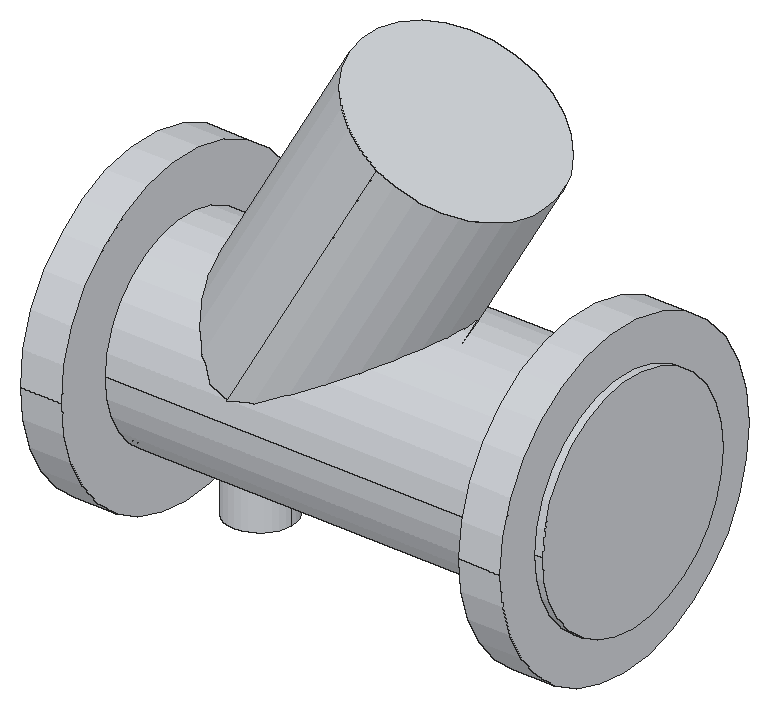
Revit family "HS 821-síto_standard-PN40-DN150-RFA_2018", category Pipe Accessories, Revit 2018
Family settings
  Round Connector Dimension = Use Diameter
  Part Type = Breaks Into
  Work Plane-Based = No
  Always vertical = Yes
  Cut with Voids When Loaded = No
  Shared = No
Parameters (values of type "821F-DN150-PN40-síto_standard")
  magiProductId = "0153b9ddabe14992a630484929fdbc"
  magiProductFamilyId = "79214ac3aaa945e397802f559f5c1e"
  magiPartTypeId = 307
  isMeasuringValve [instance] = no
  ang2D [instance] = 0.00°
  ZB__ve = -ZB  # -47 mm
  ZB1 = 88.29 mm
  ZB = 47 mm
  X2 = 155.885 mm
  X1 = 67.2 mm
  W2D = 15 mm
  VersionID = "2.0/2017.9.26.1/ZETKAMA_821_001"
  Use Minimum Symbol Size [instance] = yes
  URL = "www.hydronic.cz"
  Type Comments = "Filtr přírubový; síto standardní; A-PN16 (-10~300°C); D-PN25 (-10~350°C); F-PN40 (-10~400°C)"
  S = 218 mm
  QmdConnectorList = "301;D;302;D"
  Productdata [instance] = ""
  Manufacturer = "Hydronic Systems Prague s.r.o."
  MC Product Code = "240 692 (821F; DN150; PN40; kvs403; oko síta 1,6mm)"
  LM1 = 38.4 mm
  LM = 384 mm
  L4 = 120 mm
  L2D_Min = 3048 mm
  L2D = 130 mm
  L2 = 240 mm
  HH2 = 270 mm
  FD = 300 mm
  Description = "Filtr přírubový; síto standardní; 821A-PN16; 821D-PN25; 821F-PN40"
  DM1 = 192 mm
  DM = 196.2 mm
  D = 150 mm
  CC = 8.16 mm
  CAT0 = yes
  C1 = 39.84 mm
  C = 48 mm
  BD = 61.803 mm
Types (40, lengths in mm): name | magiProductId | ZB__ve | ZB1 | ZB | X2 | X1 | S | MC Product Code | LM1 | LM | L4 | L2 | HH2 | FD | DM1 | DM | D | CC | C1 | C | BD
  821A-DN015-PN16-síto_standard | "a71bcfe8b393460598b23e8ddf7dc5" | -16.25 | 18.63 | 16.25 | 46.982 | 18.2 | 46 | "200 115 (821A; DN015; PN16; kvs6,3; oko síta 1,00mm)" | 10.4 | 104 | 32.5 | 65 | 81.375 | 95 | 27.6 | 41.4 | 15 | 2.21 | 10.79 | 13 | 13.041
  821A-DN020-PN16-síto_standard | "41cd6c7a12924f4991217528336076" | -17.75 | 22.68 | 17.75 | 51.673 | 21 | 56 | "200 120 (821A; DN020; PN16; kvs11,2; oko síta 1,00mm)" | 12 | 120 | 37.5 | 75 | 89.5 | 105 | 33.6 | 50.4 | 20 | 2.55 | 12.45 | 15 | 15.876
  821A-DN025-PN16-síto_standard | "be378b463ed14c3abf4c9b3ae8cf3a" | -19.25 | 26.325 | 19.25 | 58.601 | 22.4 | 65 | "200 125 (821A; DN025; PN16; kvs14,7; oko síta 1,00mm)" | 12.8 | 128 | 40 | 80 | 101.5 | 115 | 43.2 | 58.5 | 25 | 2.72 | 13.28 | 16 | 18.427
  821A-DN032-PN16-síto_standard | "227a0d18b21540afabe8b6067d35fa" | -23 | 30.78 | 23 | 68.849 | 25.2 | 76 | "200 132 (821A; DN032; PN16; kvs23,7; oko síta 1,00mm)" | 14.4 | 144 | 45 | 90 | 119.25 | 140 | 50.4 | 68.4 | 32 | 3.06 | 14.94 | 18 | 21.546
  821A-DN040-PN16-síto_standard | "d106917c74724141a10440112d0102" | -24.5 | 34.02 | 24.5 | 75.777 | 28 | 84 | "200 140 (821A; DN040; PN16; kvs37,7; oko síta 1,00mm)" | 16 | 160 | 50 | 100 | 131.25 | 150 | 60 | 75.6 | 40 | 3.4 | 16.6 | 20 | 23.814
  821A-DN050-PN16-síto_standard | "8255d456a09e4f6486734f5dd9171b" | -26.75 | 40.095 | 26.75 | 79.061 | 32.2 | 99 | "200 150 (821A; DN050 PN16; kvs57,9; oko síta 1,00mm)" | 18.4 | 184 | 57.5 | 115 | 136.938 | 165 | 73.8 | 89.1 | 50 | 3.91 | 19.09 | 23 | 28.066
  821A-DN065-PN16-síto_standard | "235b1b3e4c0843779a4d5e3716d40a" | -29.75 | 47.79 | 29.75 | 86.927 | 40.6 | 118 | "200 165 (821A; DN065; PN16; kvs101,5; oko síta 1,25mm)" | 23.2 | 232 | 72.5 | 145 | 150.562 | 185 | 94.2 | 106.2 | 65 | 4.93 | 24.07 | 29 | 33.453
  821A-DN080-PN16-síto_standard | "a067f7c5236348ed8c820d16df7214" | -32 | 53.46 | 32 | 104.753 | 43.4 | 132 | "200 180 (821A; DN080; PN16; kvs147,4; oko síta 1,25mm)" | 24.8 | 248 | 77.5 | 155 | 181.438 | 200 | 107.4 | 118.8 | 80 | 5.27 | 25.73 | 31 | 37.422
  821A-DN100-PN16-síto_standard | "c49a648c2747461285837d643703cd" | -35 | 63.18 | 35 | 114.857 | 49 | 156 | "200 190 (821A; DN100; PN16; kvs209,6; oko síta 1,60mm)" | 28 | 280 | 87.5 | 175 | 198.937 | 220 | 131.4 | 140.4 | 100 | 5.95 | 29.05 | 35 | 44.226
  821A-DN125-PN16-síto_standard | "bf68e728a163493cbd2a663b26ebdc" | -39.5 | 74.52 | 39.5 | 131.888 | 56 | 184 | "200 191 (821A; DN125; PN16; kvs326,2; oko síta 1,60mm)" | 32 | 320 | 100 | 200 | 228.438 | 250 | 165 | 165.6 | 125 | 6.8 | 33.2 | 40 | 52.164
  821A-DN150-PN16-síto_standard | "2de770284b654863ae6bc865769dc5" | -44.75 | 85.455 | 44.75 | 155.885 | 67.2 | 211 | "200 192 (821A; DN150; PN16; kvs403; oko síta 1,60mm)" | 38.4 | 384 | 120 | 240 | 270 | 285 | 192 | 189.9 | 150 | 8.16 | 39.84 | 48 | 59.818
  821A-DN200-PN16-síto_standard | "8e5693371ab64aabb29a7f08c76e15" | -53 | 107.73 | 53 | 188.361 | 84 | 266 | "200 193 (821A; DN200; PN16; kvs707; oko síta 1,60mm)" | 48 | 480 | 150 | 300 | 326.25 | 340 | 252 | 239.4 | 200 | 10.2 | 49.8 | 60 | 75.411
  821A-DN250-PN16-síto_standard | "05e37ed948c34047acdd4c42556504" | -62.75 | 129.195 | 62.75 | 255.911 | 102.2 | 319 | "200 194 (821A; DN250; PN16; kvs1234; oko síta 1,60mm)" | 58.4 | 584 | 182.5 | 365 | 443.25 | 405 | 309.6 | 287.1 | 250 | 12.41 | 60.59 | 73 | 90.436
  821A-DN300-PN16-síto_standard | "9ad0af747269428da925480d83ce80" | -71 | 149.85 | 71 | 325.914 | 119 | 370 | "200 195 (821A; DN300; PN16; kvs1916; oko síta 1,60mm)" | 68 | 680 | 212.5 | 425 | 564.5 | 460 | 369.6 | 333 | 300 | 14.45 | 70.55 | 85 | 104.895
  821A-DN350-PN16-síto_standard | "eebc71459bb3451bb4355e7951370a" | -80 | 173.745 | 80 | 356.875 | 137.2 | 429 | "200 196 (821A; DN350; PN16; kvs2621; oko síta 1,60mm)" | 78.4 | 784 | 245 | 490 | 618.125 | 520 | 438 | 386.1 | 350 | 16.66 | 81.34 | 98 | 121.621
  821A-DN400-PN16-síto_standard | "d2f677cb196647e385b2590e7d8abe" | -89 | 194.4 | 89 | 392.237 | 154 | 480 | "200 197 (821A; DN400; PN16; kvs3460; oko síta 1,60mm)" | 88 | 880 | 275 | 550 | 679.375 | 580 | 498 | 432 | 400 | 18.7 | 91.3 | 110 | 136.08
  821D-DN015-PN25-síto_standard | "27ddcbf555414f8ca1fde329bf9087" | -16.25 | 18.63 | 16.25 | 46.982 | 18.2 | 46 | "200 215 (821D; DN015; PN25; kvs6,3; oko síta 1,00mm)" | 10.4 | 104 | 32.5 | 65 | 81.375 | 95 | 27.6 | 41.4 | 15 | 2.21 | 10.79 | 13 | 13.041
  821D-DN020-PN25-síto_standard | "270e0f14012f47189cd0235c18faee" | -17.75 | 22.68 | 17.75 | 51.673 | 21 | 56 | "200 220 (821D; DN020; PN25; kvs11,2; oko síta 1,00mm)" | 12 | 120 | 37.5 | 75 | 89.5 | 105 | 33.6 | 50.4 | 20 | 2.55 | 12.45 | 15 | 15.876
  821D-DN025-PN25-síto_standard | "b9a7fb4aa36643878c637d8e1ab992" | -19.25 | 26.325 | 19.25 | 58.601 | 22.4 | 65 | "200 225 (821D; DN025; PN25; kvs14,7; oko síta 1,00mm)" | 12.8 | 128 | 40 | 80 | 101.5 | 115 | 43.2 | 58.5 | 25 | 2.72 | 13.28 | 16 | 18.427
  821D-DN032-PN25-síto_standard | "6be9a55c4e68400f94eec7e804204c" | -23 | 30.78 | 23 | 68.849 | 25.2 | 76 | "200 232 (821D; DN032; PN25; kvs23,7; oko síta 1,00mm)" | 14.4 | 144 | 45 | 90 | 119.25 | 140 | 50.4 | 68.4 | 32 | 3.06 | 14.94 | 18 | 21.546
  821D-DN040-PN25-síto_standard | "c54511bd7f584ec2984291479612cb" | -24.5 | 34.02 | 24.5 | 75.777 | 28 | 84 | "200 240 (821D; DN040; PN25; kvs37,7; oko síta 1,00mm)" | 16 | 160 | 50 | 100 | 131.25 | 150 | 60 | 75.6 | 40 | 3.4 | 16.6 | 20 | 23.814
  821D-DN050-PN25-síto_standard | "5483b1f596b04cd39b23a14a22c90e" | -26.75 | 40.095 | 26.75 | 79.061 | 32.2 | 99 | "200 250 (821D; DN050; PN25; kvs57,9; oko síta 1,00mm)" | 18.4 | 184 | 57.5 | 115 | 136.938 | 165 | 73.8 | 89.1 | 50 | 3.91 | 19.09 | 23 | 28.066
  821D-DN065-PN25-síto_standard | "767b0f8318e94750bc7a9930ed5b30" | -29.75 | 47.79 | 29.75 | 86.927 | 40.6 | 118 | "200 265 (821D; DN065; PN25; kvs101,5; oko síta 1,25mm)" | 23.2 | 232 | 72.5 | 145 | 150.562 | 185 | 94.2 | 106.2 | 65 | 4.93 | 24.07 | 29 | 33.453
  821D-DN080-PN25-síto_standard | "e21040fa3cc2404b858198f6b73709" | -32 | 53.46 | 32 | 104.753 | 43.4 | 132 | "200 280 (821D; DN080; PN25; kvs147,4; oko síta 1,25mm)" | 24.8 | 248 | 77.5 | 155 | 181.438 | 200 | 107.4 | 118.8 | 80 | 5.27 | 25.73 | 31 | 37.422
  821D-DN100-PN25-síto_standard | "175ca87a506b40b3bc6b82f12f33cf" | -37.25 | 63.18 | 37.25 | 114.857 | 49 | 156 | "200 290 (821D; DN100; PN25; kvs209,6; oko síta 1,60mm)" | 28 | 280 | 87.5 | 175 | 198.937 | 235 | 131.4 | 140.4 | 100 | 5.95 | 29.05 | 35 | 44.226
  821D-DN125-PN25-síto_standard | "77cc98d60da24855999a22dff726b2" | -42.5 | 74.52 | 42.5 | 131.888 | 56 | 184 | "200 291 (821D; DN125; PN25; kvs326,2; oko síta 1,60mm)" | 32 | 320 | 100 | 200 | 228.438 | 270 | 165 | 165.6 | 125 | 6.8 | 33.2 | 40 | 52.164
  821D-DN150-PN25-síto_standard | "9cf8acfcd15547d68e83172d3abcbe" | -47 | 85.455 | 47 | 155.885 | 67.2 | 211 | "200 292 (821D; DN150; PN25; kvs403; oko síta 1,60mm)" | 38.4 | 384 | 120 | 240 | 270 | 300 | 192 | 189.9 | 150 | 8.16 | 39.84 | 48 | 59.818
  821D-DN200-PN25-síto_standard | "16973f3c9ea14389ba8602495a6b64" | -56 | 110.97 | 56 | 188.361 | 84 | 274 | "200 293 (821D; DN200; PN25; kvs707; oko síta 1,60mm)" | 48 | 480 | 150 | 300 | 326.25 | 360 | 252 | 246.6 | 200 | 10.2 | 49.8 | 60 | 77.679
  821F-DN015-PN40-síto_standard | "4c7eaf3c4c0340888b3e684d8a8616" | -16.25 | 18.225 | 16.25 | 46.982 | 18.2 | 45 | "240 615 (821F; DN015; PN40; kvs6,3; oko síta 1,00mm)" | 10.4 | 104 | 32.5 | 65 | 81.375 | 95 | 27.6 | 40.5 | 15 | 2.21 | 10.79 | 13 | 12.757
  821F-DN020-PN40-síto_standard | "aaac5f1ec96b44d6ba96ac2293d66d" | -17.75 | 23.49 | 17.75 | 51.673 | 21 | 58 | "240 620 (821F; DN020; PN40; kvs11,2; oko síta 1,00mm)" | 12 | 120 | 37.5 | 75 | 89.5 | 105 | 33.6 | 52.2 | 20 | 2.55 | 12.45 | 15 | 16.443
  821F-DN025-PN40-síto_standard | "504768023968471481789485b54c7e" | -19.25 | 27.54 | 19.25 | 58.601 | 22.4 | 68 | "240 625 (821F; DN025; PN40; kvs14,7; oko síta 1,00mm)" | 12.8 | 128 | 40 | 80 | 101.5 | 115 | 43.2 | 61.2 | 25 | 2.72 | 13.28 | 16 | 19.278
  821F-DN032-PN40-síto_standard | "165e7f39cf744f329bdf1c400dad12" | -23 | 31.59 | 23 | 68.849 | 25.2 | 78 | "240 632 (821F; DN032; PN40; kvs23,7; oko síta 1,00mm)" | 14.4 | 144 | 45 | 90 | 119.25 | 140 | 50.4 | 70.2 | 32 | 3.06 | 14.94 | 18 | 22.113
  821F-DN040-PN40-síto_standard | "b8903f952089408fbf3a5a632bab1f" | -24.5 | 35.64 | 24.5 | 75.777 | 28 | 88 | "240 640 (821F; DN040; PN40; kvs37,7; oko síta 1,00mm)" | 16 | 160 | 50 | 100 | 131.25 | 150 | 60 | 79.2 | 40 | 3.4 | 16.6 | 20 | 24.948
  821F-DN050-PN40-síto_standard | "c451f97266fe48da8f879cb6a2bd44" | -26.75 | 41.31 | 26.75 | 79.061 | 32.2 | 102 | "240 650 (821F; DN050; PN40; kvs57,9; oko síta 1,00mm)" | 18.4 | 184 | 57.5 | 115 | 136.938 | 165 | 73.8 | 91.8 | 50 | 3.91 | 19.09 | 23 | 28.917
  821F-DN065-PN40-síto_standard | "dc9821e3f9b34e128f6a8c6b34c198" | -29.75 | 49.41 | 29.75 | 86.927 | 40.6 | 122 | "240 665 (821F; DN065; PN40; kvs101,5; oko síta 1,25mm)" | 23.2 | 232 | 72.5 | 145 | 150.562 | 185 | 94.2 | 109.8 | 65 | 4.93 | 24.07 | 29 | 34.587
  821F-DN080-PN40-síto_standard | "689aa1e260f84cf4994f027a1d86b5" | -32 | 55.89 | 32 | 104.753 | 43.4 | 138 | "240 680 (821F; DN080; PN40; kvs147,4; oko síta 1,25mm)" | 24.8 | 248 | 77.5 | 155 | 181.438 | 200 | 107.4 | 124.2 | 80 | 5.27 | 25.73 | 31 | 39.123
  821F-DN100-PN40-síto_standard | "8a45d4e8e2ab425f8c432f21d684f3" | -37.25 | 65.61 | 37.25 | 114.857 | 49 | 162 | "240 690 (821F; DN100; PN40; kvs209,6; oko síta 1,6mm)" | 28 | 280 | 87.5 | 175 | 198.937 | 235 | 131.4 | 145.8 | 100 | 5.95 | 29.05 | 35 | 45.927
  821F-DN125-PN40-síto_standard | "cf073904c006406b8645afa67ea2fc" | -42.5 | 76.14 | 42.5 | 131.888 | 56 | 188 | "240 691 (821F; DN125; PN40; kvs326,2; oko síta 1,6mm)" | 32 | 320 | 100 | 200 | 228.438 | 270 | 165 | 169.2 | 125 | 6.8 | 33.2 | 40 | 53.298
  821F-DN150-PN40-síto_standard | "0153b9ddabe14992a630484929fdbc" | -47 | 88.29 | 47 | 155.885 | 67.2 | 218 | "240 692 (821F; DN150; PN40; kvs403; oko síta 1,6mm)" | 38.4 | 384 | 120 | 240 | 270 | 300 | 192 | 196.2 | 150 | 8.16 | 39.84 | 48 | 61.803
  821F-DN200-PN40-síto_standard | "7fb3fc01dd8d42428c203e3f8dd4d5" | -56 | 115.425 | 56 | 188.361 | 84 | 285 | "240 693 (821F; DN200; PN40; kvs707; oko síta 1,6mm)" | 48 | 480 | 150 | 300 | 326.25 | 360 | 252 | 256.5 | 200 | 10.2 | 49.8 | 60 | 80.797
Reference planes
  plane 1 "Center (Front/Back)": y = 0
  plane 2 "XYPLANE": z = 0
  plane 3 "Center (Left/Right)": x = 0
  plane 4 "109": x = -153.6
  plane 5 "108": x = 192
  plane 6 "107": x = -192
  plane 7 "105": x = 240
  plane 8 "104": x = -240
  plane 9 "103": y = 0
  plane 10 "102": z = 0
  plane 11 "101": x = -231.84
  plane 12 "100": x = 231.84
  plane 13 "11": x = -86.4
  plane 14 "10": z = 270
  plane 15 "9": x = 69.485
  plane 16 "5": z = -88.29
  plane 17 "4": x = -120
  plane 18 "1": x = 120
Forms (mm)
  Extrusion 1, solid, visible <- "CAT0"
    sketch origin (-192, -750, 0) x (0, 1, 0) y (0, 0, 1)
      loop
        circle (750, 0) r 98.1
    from 0 to 384 <- "LM"
  Extrusion 2, solid
    sketch origin (-240, -750, 0) x (0, 1, 0) y (0, 0, 1)
      loop
        circle (750, 0) r 109
    from 0 to 8.16 <- "CC"
  Extrusion 3, solid
    sketch origin (-231.84, -750, 0) x (0, 1, 0) y (0, 0, 1)
      loop
        circle (750, 0) r 150
    from 0 to 39.84 <- "C1"
  Extrusion 4, solid
    sketch origin (192, -750, 0) x (0, 1, 0) y (0, 0, 1)
      loop
        circle (750, 0) r 150
    from 0 to 39.84 <- "C1"
  Extrusion 5, solid
    sketch origin (231.84, -750, 0) x (0, 1, 0) y (0, 0, 1)
      loop
        circle (750, 0) r 109
    from 0 to 8.16 <- "CC"
  Sweep 6, solid, visible <- "CAT0"
    path origin (750, 0, 0) x (-1, 0, 0) y (0, 0, 1)
      loop
        line (942, 0) -> (836.4, 0) -> (680.515, 270)
    profile origin (-192, 0, 0) x (0, 0, -1) y (0, 1, 0)
      loop
        circle (0, 0) r 96
  Extrusion 7, solid, visible <- "CAT0"
    sketch origin (-750, 0, -88.29) x (1, 0, 0) y (0, 1, 0)
      loop
        circle (630, 0) r 30.901
    from 0 to -47 <- "ZB__ve"
  Extrusion 8, solid, visible <- "CAT0"
    sketch origin (-750, 0, -88.29) x (1, 0, 0) y (0, 1, 0)
      loop
        circle (870, 0) r 30.901
    from 0 to -47 <- "ZB__ve"
  Extrusion 9, solid, not visible
    sketch origin (240, -750, 0) x (0, 1, 0) y (0, 0, 1)
      loop
        circle (750, 0) r 10
    from 0 to -10
  Extrusion 10, solid, not visible
    sketch origin (-240, -750, 0) x (0, 1, 0) y (0, 0, 1)
      loop
        circle (750, 0) r 10
    from 0 to 10
Lines and regions (mm)
  reference lines, not visible
    curve 1: circle (2, 2, 0) r 1 normal (0, 0, 1)
Dimensions and locks
  plane 1 "Center (Front/Back)" to curve 1 = 2 mm
  "LM1": plane 6 "107" to plane 4 "109"
  "LM": plane 6 "107" to plane 5 "108"
  "C": plane 8 "104" to plane 6 "107"
  "L2": plane 3 "Center (Left/Right)" to plane 7 "105"
  "L2": plane 3 "Center (Left/Right)" to plane 8 "104"
  locked: plane 1 "Center (Front/Back)" to plane 9 "103"
  locked: plane 2 "XYPLANE" to plane 10 "102"
  "CC": plane 8 "104" to plane 11 "101"
  "C1": plane 5 "108" to plane 12 "100"
  "X1": plane 4 "109" to plane 13 "11"
  "HH2": plane 2 "XYPLANE" to plane 14 "10"
  "X2": plane 13 "11" to plane 15 "9"
  "ZB1": plane 2 "XYPLANE" to plane 16 "5"
  "L4": plane 8 "104" to plane 17 "4"
  "L2": plane 17 "4" to plane 18 "1"
  Sweep 6 sketch curve to Sweep 6 sketch curve = 0 mm  (x2)
  "DM": diameter of Extrusion 1 sketch curve
  "S": diameter of Extrusion 2 sketch curve
  "FD": diameter of Extrusion 3 sketch curve
  "FD": diameter of Extrusion 4 sketch curve
  "S": diameter of Extrusion 5 sketch curve
  "DM1": diameter of Sweep 6 sketch curve
  "BD": diameter of Extrusion 7 sketch curve
  "BD": diameter of Extrusion 8 sketch curve
  aligned and locked: level to plane 2 "XYPLANE"
  aligned and locked: Extrusion 1 sketch curve to plane 9 "103"
  aligned and locked: plane 10 "102" to Extrusion 1 sketch curve
  aligned and locked: Extrusion 2 sketch curve to plane 9 "103"
  aligned and locked: plane 10 "102" to Extrusion 2 sketch curve
  aligned and locked: Extrusion 3 sketch curve to plane 9 "103"
  aligned and locked: plane 10 "102" to Extrusion 3 sketch curve
  aligned and locked: Extrusion 4 sketch curve to plane 9 "103"
  aligned and locked: plane 10 "102" to Extrusion 4 sketch curve
  aligned and locked: Extrusion 5 sketch curve to plane 9 "103"
  aligned and locked: plane 10 "102" to Extrusion 5 sketch curve
  aligned and locked: Sweep 6 sketch curve to plane 9 "103"
  aligned and locked: plane 10 "102" to Sweep 6 sketch curve  (x3)
  aligned and locked: plane 6 "107" to Sweep 6 sketch curve
  aligned and locked: plane 13 "11" to Sweep 6 sketch curve
  aligned and locked: plane 14 "10" to Sweep 6 sketch curve
  aligned and locked: plane 15 "9" to Sweep 6 sketch curve
  aligned and locked: plane 9 "103" to Extrusion 7 sketch curve
  aligned and locked: plane 17 "4" to Extrusion 7 sketch curve
  aligned and locked: plane 9 "103" to Extrusion 8 sketch curve
  aligned and locked: plane 18 "1" to Extrusion 8 sketch curve
  aligned and locked: Extrusion 9 sketch curve to plane 9 "103"
  aligned and locked: plane 10 "102" to Extrusion 9 sketch curve
  aligned and locked: Extrusion 10 sketch curve to plane 9 "103"
  aligned and locked: plane 10 "102" to Extrusion 10 sketch curve
Automatic sketch dimensions
  plane 1 "Center (Front/Back)" to Extrusion 9 sketch curve = 10 mm
  plane 1 "Center (Front/Back)" to Extrusion 10 sketch curve = 10 mm
  plane 3 "Center (Left/Right)" to curve 1 = 2 mm
  radius of curve 1 = 1 mm
Connectors
  piping at (-240, 0, 0), diameter 150, driven by "D"
    settings: on Extrusion 10, index 1, connector inside diameter 609.6 mm, connector length 0 mm, flow factor 0, pipe flow 0.0 L/s, pressure drop 0.0 Pa, fitting loss kfactor 0, connector angle 0.00°, fixture units 0, engagement length 0 mm, angle of deflection 0.00°, flow configuration 0, flow direction 0, fitting loss method 0, system type 29, joint type 0, gender type 0, connector reference index 2, connector utility 0, adjustable connector no, is connector primary yes, connector description ""
  piping at (240, 0, 0), diameter 150, driven by "D"
    settings: on Extrusion 9, index 2, connector inside diameter 609.6 mm, connector length 0 mm, flow factor 0, pipe flow 0.0 L/s, pressure drop 0.0 Pa, fitting loss kfactor 0, connector angle 0.00°, fixture units 0, engagement length 0 mm, angle of deflection 0.00°, flow configuration 0, flow direction 0, fitting loss method 0, system type 29, joint type 0, gender type 0, connector reference index 1, connector utility 0, adjustable connector no, is connector primary no, connector description ""
